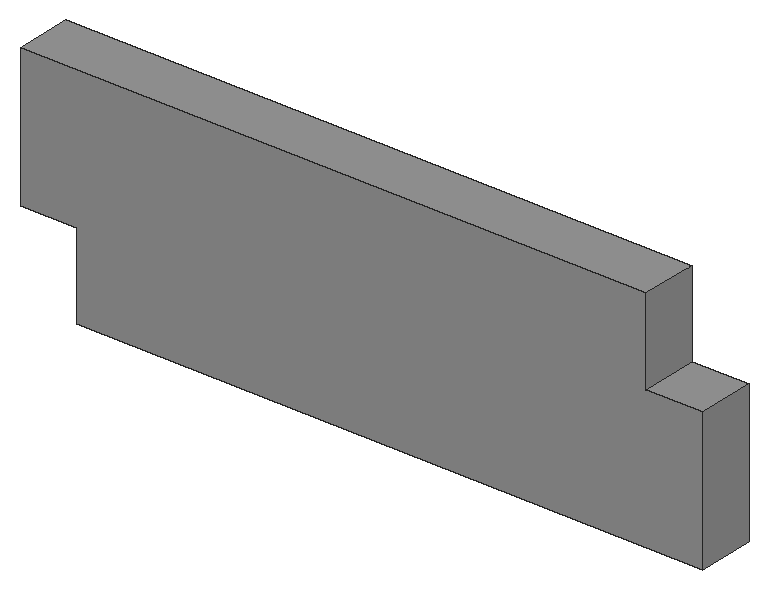
Revit family "1. Infercoa_PNormale_FRA", category Modelos genéricos, Revit 2017
Family settings
  Anfitrión = Muro
  Puede alojar armadura = No
  Cota de conector redondo = Diámetro de uso
  Tipo de pieza = Normal
  Siempre vertical = Sí
  Corte con vacíos al cargar = No
  Compartido = No
  Punto de cálculo de habitación = No
Parameters (values of type "Stonepanel® Infercoa")
  Uniclass 2015 = "Pr_25_71_14_56 Natural stone panels"
  Uniclass 2 = "Pr_25_71_14_56 Natural stone panels"
  Omniclass = "23-15 15 15 11"
  NBS Reference = "45-25-45/380 Natural stone panels"
  Advantages de Stonepanel = "Efficacité:  L’installation des panneaux est simple et facile. Elle n’implique pas l’utilisation de machines spécifiques. La pose est dix fois plus rapide que la pose traditionnelle (20 m2 en moyenne par jour). La longévité de ce produit naturel est supérieure aux autres types de revêtement. Les déchets et les pertes dues aux coupes sont amplement diminués durant le chantier.\r\nSécurité: Le système de fixation breveté et homologué, en acier inoxydable, permet l’installation à plus de 2 mètres de hauteur (Avis Technique, CSTB). La base en ciment, homogène et rugueuse, garantit l’adhésion et permet d’être coupée sans décollement des pierres.\r\nQualité: Le contrôle de la production est effectué de façon continue par le département Innovation de CUPAGROUP. Chaque pierre naturelle est sélectionnée avec une attention particulière par les experts de CUPA STONE. Angles courts, longs, massifs, doubles, pour les fenêtres ou les dessus de mur… De nombreuses pièces spéciales sont proposées en option pour s’adapter parfaitement aux différentes configurations de chantier.\r\nEsthétisme: Le parement en forme de « S » rend les joints invisibles et assure un aspect homogène à la surface installée. Notre gamme de parements en pierre naturelle permet de choisir parmi un large choix de finitions et de coloris. Chaque pierre est unique, ainsi chaque panneau révèle l’élégance et la noblesse de la pierre naturelle."
  Utilisations indiquées = "Revêtements de murs intérieurs ou extérieurs, pour des ouvrages de 12 m de haut au plus.\r\nEn murs intérieurs, les supports admis sont les suivants (ils doivent avoir une épaisseur de 6 cm minimum) :\r\n- les murs en béton,\r\n- les panneaux préfabriqués en béton,\r\n- les enduits à base de ciment sur murs en béton et, murs et parois\r\nen maçonnerie.\r\nEn murs extérieurs, les supports admis sont ceux définis dans le NF DTU 52.2 P1-1-2 (P 61-204-1-1-2) « Cahier des clauses Techniques pour les murs extérieurs »."
  URL = "http://www.cupastone.fr/produit/stonepanel-orient/"
  Résistance au feu = "STONEPANEL ne sont pas de nature à affecter la tenue au feu des ouvrages."
  Durabilité = "La durabilité de l’ouvrage peut être appréciée comme équivalente à celle d’un carrelage collé en façade."
  Type de livraison = "Les panneaux sont emballés en plastique, en paires, ou dans des boîtes en carton, de trois ou quatre panneaux."
  Résistance á la flexion = "≥ 9 N/mm²"
  Résistance au gel = "Pas d’altération après 50 cycles"
  Résistance = "Résistance élevée"
  Poids = "8,75 kg"
  Oxydation = "Non oxidé"
  Autres données intéressants = "STONEPANEL  est utilisé pour la réalisation de revêtements de murs intérieurs ou extérieurs, pour des ouvrages de 12 m de haut au plus."
  Modelo = "Stonepanel® Infercoa"
  Matérial = "Parement en quartzite noir Infercoa, exclusivité Cupa Stone, aux tonalités gris foncés en forme de blocs irréguliers pour doter les murs d’un style sobre, naturel, rustique et fort en caractère."
  Nettoyage = "En général, les panneaux ne nécessitent pas d'entretien et sont autonettoyants, mais la suppression de certains types de marques peuvent nécessiter un traitement spécialisé.\r\nPour les salissures anormales, la surface peut être nettoyée à l'aide d'un mélange eau / détergent chaud, appliqué avec un tampon de nettoyage approprié ou une éponge."
  Long = 600 mm
  Impact = "-"
  Imagen de tipo = <Ninguno>
  Format = "600 x 200"
  Form = "Forme de « S »"
  Fabricante = "Cupastone"
  Le vieillissement par des changements thermiques = "Pas d’altération après 20 cycles."
  Tests effectués par Avis Technique = "Résistance mécanique de l'ancrage\r\nRésistance mécanique de l'attache de sécurité\r\nEssais de durabilité après action de l'eau\r\nEssais de durabilité après action du gel\r\nEssai sismique"
  Décalage de hauteur = 0 mm
  Descripción = "Système de panneaux de pierre naturelle prémontés et assemblés\r\nsur une base en ciment renforcée, sur la face arrière, par une armature en fibre de verre. \r\nSon système de fixation unique évite tout risque de décollement. Est un ancrage spécifique pour les installations\r\nà plus de 2 mètres de hauteur."
  Densité apparente = "79,5 kg/m2"
  Couleur secondaire = "Gris foncé"
  Couleur principale = "Noir"
  Certificats = "Avis Technique - France"
  Apparence = "Rustique"
  Largeur = 50 mm
  Haut = 200 mm
  Finiton = "Naturelle"
  Absorption = "Basse absorption"
  Système d'ancrage = "Bande perforée en acier inoxydable:\r\n- Nature de l’acier : AISI 316 (1.4401) ou AISI 304 (1.4301)\r\n- Epaisseur minimale (mm) : 0,7\r\n- Largeur (mm) : 12 à 15\r\n- Diamètre du trou (mm) : 6 ± 1\r\n\r\nChevilles:\r\nLe choix des chevilles de fixation doit être déterminé compte tenu de l’action en dépression du vent (murs extérieurs) et de la résistance des chevilles dans le support considéré en fonction de de la nature du support. Un exemple de cheville à utiliser est TAPCO TC 6/30 x 60.\r\nLa charge admissible des chevilles est égale à 1/K fois la résistance caractéristique indiquée dans l’Agrément Technique Européen de la cheville ou :\r\n   K = 1,75 par comparaison au vent normal\r\n   K = 3 par comparaison au vent extrême\r\nLes chevilles doivent être adaptées à la nature du support porteur."
  Détails de construction = "Détails de:\r\n- Mise en oeuvre avec un profilé en métal\r\n- Mise en oeuvre de Stonepanel\r\n- Mise en oeuvre de Stonepanel en murs intérieurs\r\n- Mise en oeuvre de l'élément de sécurité\r\n- Angles rentrants\r\n- Angles sortants avec continuité de Stonepanel - éléments d'angles\r\n- Angles sortants avec continuité de Stonepanel - angles préformés\r\n- Angles sortants avec continuité de Stonepanel - sciage d'un panneau\r\n- Angles sortants sans continuité de Stonepanel - cas d'un pignon isolé\r\n- Arêtes supérieures\r\n- Dessus d'acrotère\r\n- Encadrement de baie"
Reference planes
  plane 1 "Muro": y = 0
  plane 2 "Centro (Izquierda/Derecha)": x = 125
  plane 3 "Posterior": y = 75
Forms (mm)
  Extrusion 1, solid, material "Stonepanel® SKY Orient"
    sketch origin (0, 160, 1120) x (1, 0, 0) y (0, 0, 1)
      loop
        line (125, -1120) -> (125, -996) -> (75, -996) -> (75, -920) -> (-475, -920) -> (-475, -1044) -> (-425, -1044) -> (-425, -1120) -> (125, -1120)
    from 35 to 85
Text (mm)
  text "Cara de colocación" at (-1848.837, 1116.779, 0), in view "Nivel de referencia"
  text "Cara de colocación" at (0, 1409.804, 2854.306), in view "Izquierda"
  text "Cara de colocación" at (0, 499.811, 2980.732), in view "Derecha"
Dimensions and locks
  locked: plane 3 "Posterior" to host wall
  locked: Extrusion 1 to plane 3 "Posterior" at 0
  "Largeur": Extrusion 1 to Extrusion 1
  "Long": Extrusion 1 to Extrusion 1
  locked: Extrusion 1 to Extrusion 1 at 76  (x2)
  "Décalage de hauteur": level to Extrusion 1
  locked: Extrusion 1 to Extrusion 1 at 50  (x2)
  "Haut": Extrusion 1 to Extrusion 1
  aligned and locked: plane 1 "Muro" to host wall
Automatic sketch dimensions
  level to Extrusion 1 sketch curve = 0 mm
  Extrusion 1 sketch curve to plane 2 "Centro (Izquierda/Derecha)" = 0 mm
  Extrusion 1 sketch curve to plane 2 "Centro (Izquierda/Derecha)" = 50 mm
  Extrusion 1 sketch curve to Extrusion 1 sketch curve = 500 mm
  Extrusion 1 sketch curve to Extrusion 1 sketch curve = 50 mm
  level to Extrusion 1 sketch curve = 124 mm
  level to Extrusion 1 sketch curve = 76 mm
  Extrusion 1 sketch curve to Extrusion 1 sketch curve = 76 mm
